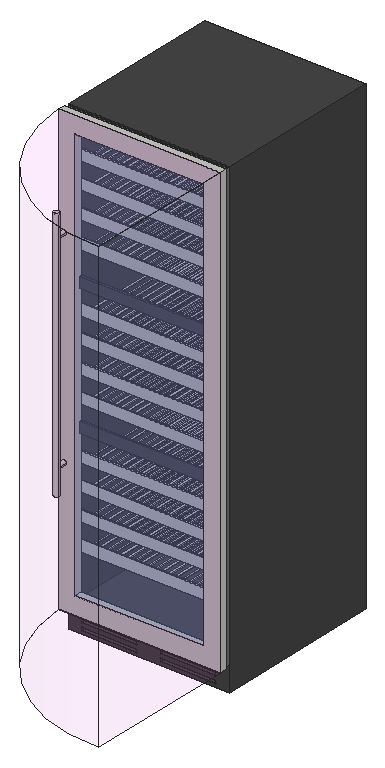
Revit family "QF_Summit_SWCP1988T_Wine_Cellar", category Specialty Equipment, Revit 2020 (continued)
Automatic sketch dimensions
  Extrusion 16 sketch curve to plane 4 "RIGHT" = 0"
  plane 5 "FRONT" to Extrusion 16 sketch curve = 0"
  plane 4 "RIGHT" to Extrusion 16 sketch curve = 3/8"
  plane 3 "LEFT" to Extrusion 16 sketch curve = 0.02152"
  Extrusion 16 sketch curve to plane 9 = 3/4"
  Extrusion 56 sketch curve to plane 3 "LEFT" = 0"
  plane 5 "FRONT" to Extrusion 56 sketch curve = 0"
  Extrusion 56 sketch curve to plane 3 "LEFT" = 3/8"
  Extrusion 56 sketch curve to plane 4 "RIGHT" = 0.02152"
  plane 9 to Extrusion 56 sketch curve = 3/4"
  plane 4 "RIGHT" to Extrusion 57 sketch curve = 0.74979"  (x2)
  Extrusion 57 sketch curve to plane 14 = 17.42"
  Extrusion 57 sketch curve to plane 6 "TOP" = 15.83"
  Extrusion 58 sketch curve to plane 4 "RIGHT" = 3/4"
  plane 11 to Extrusion 58 sketch curve = 3/8"
  radius of Extrusion 18 sketch curve = 0.11817"  (x19)
  radius of Extrusion 20 sketch curve = 0.11817"  (x19)
  radius of Extrusion 24 sketch curve = 0.11817"  (x19)
  radius of Extrusion 27 sketch curve = 0.11817"  (x19)
  radius of Extrusion 30 sketch curve = 0.11817"  (x19)
  radius of Extrusion 33 sketch curve = 0.11817"  (x19)
  radius of Extrusion 36 sketch curve = 0.11817"  (x19)
  radius of Extrusion 39 sketch curve = 0.11817"  (x19)
  radius of Extrusion 42 sketch curve = 0.11817"  (x19)
  radius of Extrusion 45 sketch curve = 0.11817"  (x19)
  radius of Extrusion 48 sketch curve = 0.11817"  (x19)
  radius of Extrusion 51 sketch curve = 0.11817"  (x19)
  radius of Extrusion 54 sketch curve = 0.11817"  (x19)
  radius of Extrusion 4 sketch curve = 5/16"  (x2)
  radius of Extrusion 5 sketch curve = 3/8"
  radius of Extrusion 6 sketch curve = 1/4"
  radius of Split face 4 sketch curve = 35/128"
  radius of Split face 6 sketch curve = 35/128"
  radius of Split face 8 sketch curve = 35/128"
  radius of Extrusion 15 sketch curve = 1 1/32"
  radius of Extrusion 15 sketch curve = 1 1/8"
  radius of Extrusion 15 sketch curve = 1 13/32"
  radius of Extrusion 15 sketch curve = 1 1/2"
  radius of Extrusion 15 sketch curve = 1 25/32"
  radius of Extrusion 15 sketch curve = 1 7/8"
  radius of Extrusion 57 sketch curve = 5/16"  (x2)
  radius of Extrusion 58 sketch curve = 3/8"
Connectors (in)
  electrical at (20.06926, 0.10156, 1.82333), driven by "Volts", driven by "Apparent Power"
    settings: on Extrusion 6, index 1, voltage 115 V, apparent load 149.5 VA, apparent load phase1 0 VA, apparent load phase2 0 VA, apparent load phase3 0 VA, power factor 1, load classification "Other", number of poles 1, system type 30, power factor state 1, is connector primary yes, connector utility no, sub classification motor no, connector description "Electrical Connection"
